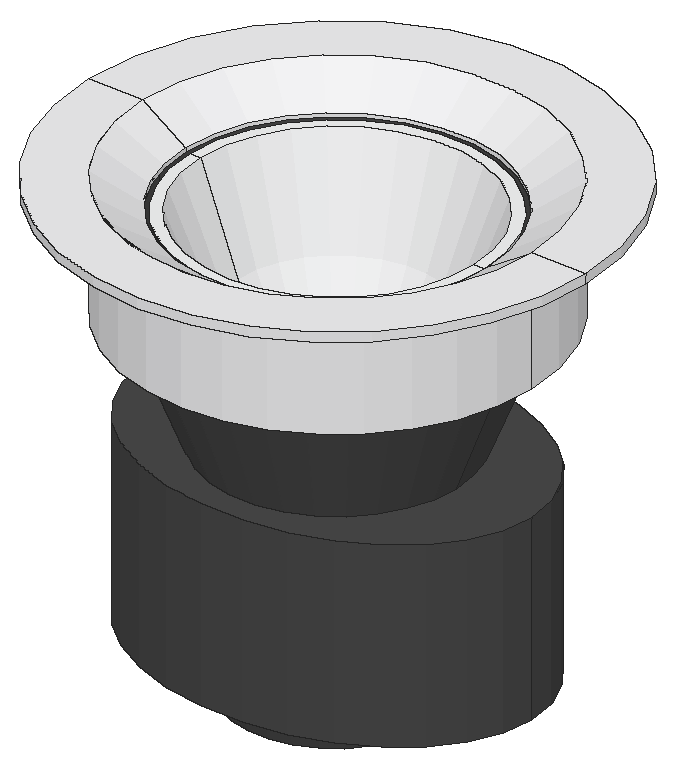
Revit family "2070019", category Lighting Fixtures, host Face, Revit 2018
Family settings
  Host = Face
  Round Connector Dimension = Use Diameter
  Part Type = Normal
  OmniClass Number = 23.80.70.11.17
  OmniClass Title = Specialized Lighting by Location or Use
  Cut with Voids When Loaded = No
  Light Source = Yes
  Shared = No
  Room Calculation Point = No
Parameters (values of type "2070019 EXPOSPOT 70 FIX RA90 4000K MB WHITE")
  Weight = 0.52 kg  # constant formula
  Total Power Consumption = 20.9996 W
  Reflector Material = Aluminum_Sylvania_Expospot_Polished
  Radius = Diameter / 2  # 55.0 mm
  Keynote = "n/a"
  Cooling Small Axis = Radius - 23.0 mm  # 32.0 mm
  Cooling Big Axis = Radius - 12.0 mm  # 43.0 mm
  Product Code = "0060226"
  Photobiological Risk Group = "RG1"  # constant formula
  Nominal Frequency = "50/60Hz"  # constant formula
  Max. Luminaires per 20A C Breaker = "70"  # constant formula
  Max. Luminaires per 20A B Breaker = "42"  # constant formula
  Max. Luminaires per 16A C Breaker = "51"  # constant formula
  Max. Luminaires per 16A B Breaker = "31"  # constant formula
  Max. Luminaires per 13A C Breaker = "41"  # constant formula
  Max. Luminaires per 13A B Breaker = "25"  # constant formula
  Max. Luminaires per 10A C Breaker = "31"  # constant formula
  Max. Luminaires per 10A B Breaker = "19"  # constant formula
  Lamp Power Factor = 0.9  # constant formula
  LOR = "100%"  # constant formula
  Inrush Duration = "139µs"  # constant formula
  Inrush Current = 28 A  # constant formula
  IP Rating = "IP20"  # constant formula
  IK Rating = "IK02"  # constant formula
  Height = 101.0 mm  # constant formula
  Wattage = 20.9996 W
  built-in parameter 1150110 = 1 (stored number, unit not read)
  Voltage Comments = "220-240V~"  # constant formula
  Voltage = 240 V  # constant formula
  URL = "0.9"
  built-in parameter 1114217 = 1 (stored number, unit not read)
  Tilt Angle = -90°  # constant formula
  built-in parameter 1150109 = 1 (stored number, unit not read)
  built-in parameter 1150134 = (empty or 0)
  built-in parameter 1150113 = 1 (stored number, unit not read)
  Product Page URL = "http://www.sylvania-lighting.com/product/en-int/products/0060226"
  Product Family = "EXPOSPOT 70 FIXED"  # constant formula
  Photometry Comments = ""
  Photometric Web File = "2070019.ies"
  Glow Wire Test = 850 °C  # constant formula
  Emit from Circle Diameter = Diameter - 24.0 mm  # 86.0 mm
  Emit Shape Visible in Rendering = no
  Electrical Protection = "Class II"  # constant formula
  Drive Current = "500mA"  # constant formula
  Dimmable = "N"  # constant formula
  Diffuser Material = Acrylic_Sylvania_Expospot_3000K
  Diameter = 110.0 mm  # constant formula
  Cutout Diameter = Diameter - 10.0 mm  # 100.0 mm
  Created by URL = "http://all1studio.com/"
  Created by = "All 1 Studio Ltd. "  # constant formula
  Control Gear Type = "Electronic"  # constant formula
  Control Gear Required = "No"  # constant formula
  Control Gear Mounting = "Remote"  # constant formula
  Colour Variation Initial = "3SDCM"  # constant formula
  built-in parameter 1114216 [instance] = 1 (stored number, unit not read)
  Model = "EXPOSPOT 70 FIXED RA90 4000K MB WHITE"
  Manufacturer = "Feilo Sylvania"  # constant formula
  built-in parameter 1150105 = 171.25 (stored number, unit not read)
  Lumens = 2152 lm
  built-in parameter 1150115 = 1 (stored number, unit not read)
  built-in parameter 1150137 = (empty or 0)
  built-in parameter 1150139 = (empty or 0)
  built-in parameter 1150112 = 1 (stored number, unit not read)
  built-in parameter 1150114 = 1 (stored number, unit not read)
  Lamp = "LED"  # constant formula
  built-in parameter 1150132 = 2
  built-in parameter 1150102 = (empty or 0)
  built-in parameter 1150107 = 3000 (stored number, unit not read)
  built-in parameter 1150138 = 3000
  built-in parameter 1150106 = 1.7125 (stored number, unit not read)
  CRI = "80Ra"
  Body Material = Aluminum_Sylvania_Expospot_White
  built-in parameter 1150104 = 9.5206 (stored number, unit not read)
  Dimming Lamp Color Temperature Shift = <None>
  Description = "Specifically designed for Retail and Display applications. I.e. Supermarkets, Fashion Retail, Department stores. Build around a 70mm reflector and lens combination."  # constant formula
  Default Elevation = 0.0 mm
  Color Filter = 16777215
  built-in parameter 1140040 [instance] = 1
  Beam Angle = 43°
  built-in parameter 1114218 = 1 (stored number, unit not read)
  Average Life = "50 000h"  # constant formula
  built-in parameter 1150133 = 10 (stored number, unit not read)
  Assembly Code = "D5020200"
  Apparent Load Comments = ""
  Apparent Load = 21 VA
  Cooling Material = Plastic_Sylvania_Expospot_Black
Reference planes
  plane 1 "Center (Front/Back)": y = 0
  plane 2: z = 0
  plane 3 "Center (Left/Right)": x = -7.423
  plane 4 "Fixture Bottom": z = 2
  plane 5: x = -62.423
  plane 6: x = -50.423
  plane 7: x = -40.923
  plane 8: z = -5
  plane 9: x = -47.923
  plane 10: z = -4.2
  plane 11: x = -39.923
  plane 12: x = -18.423
  plane 13: x = -20.753
  plane 14: z = -46
  plane 15: z = -25
  plane 16: z = -90.5
  plane 17 "Fixture Top": z = -99
  plane 18: z = -50.5
Forms (mm)
  Revolve 1, solid, material "Aluminum_Sylvania_Expospot_White" <- "Body Material", detail levels fine
    sketch origin (0, 0, 0) x (1, 0, 0) y (0, 0, 1)
      loop
        line (-50.423, 2) -> (-62.423, 2) -> (-62.423, 0) -> (-50.423, 0) -> (-50.423, -25) -> (-47.923, -25) -> (-47.923, -5) -> (-40.923, -5) -> (-40.923, -4.2) -> (-50.423, 2)
      axis (-7.423, 2) -> (-7.423, -25)
    angle from 0 to 360
  Revolve 2, solid, material "Aluminum_Sylvania_Expospot_Polished" <- "Reflector Material", detail levels fine
    sketch origin (0, 0, 0) x (1, 0, 0) y (0, 0, 1)
      loop
        arc (-39.923, -5) -> (-31.687, -26.131) -> (-20.753, -46) r 172.616
        line (-20.753, -46) -> (-18.423, -46)
        arc (-18.423, -46) -> (-29.46, -26.173) -> (-37.623, -5) r 162.237
        line (-37.623, -5) -> (-39.923, -5)
      axis (-7.423, -5) -> (-7.423, -46)
    angle from 0 to 360
  Revolve 3, solid, material "Acrylic_Sylvania_Expospot_3000K" <- "Diffuser Material", detail levels fine
    sketch origin (0, 0, 0) x (1, 0, 0) y (0, 0, 1)
      loop
        arc (-7.423, -37.989) -> (-14.227, -40.204) -> (-18.423, -46) r 11.557
        line (-18.423, -46) -> (-17.367, -46)
        arc (-17.367, -46) -> (-13.506, -40.918) -> (-7.423, -38.989) r 10.557
        line (-7.423, -38.989) -> (-7.423, -37.989)
      axis (-7.423, -37.989) -> (-7.423, -46)
    angle from 0 to 360
  Extrusion 4, solid, material "Plastic_Sylvania_Expospot_Black" <- "Cooling Material", detail levels fine
    sketch origin (0, 0, 0) x (1, 0, 0) y (0, 1, 0)
      loop
        spline (35.577, 0) -> (34.112, 8.282) -> (29.816, 16) -> (22.983, 22.627) -> (14.077, 27.713) -> (3.707, 30.91) -> (-7.423, 32) -> (-18.552, 30.91) -> (-28.923, 27.713) -> (-37.828, 22.627) -> (-44.662, 16) -> (-48.958, 8.282) -> (-50.423, 0)
        spline (-50.423, 0) -> (-48.958, -8.282) -> (-44.662, -16) -> (-37.828, -22.627) -> (-28.923, -27.713) -> (-18.552, -30.91) -> (-7.423, -32) -> (3.707, -30.91) -> (14.077, -27.713) -> (22.983, -22.627) -> (29.816, -16) -> (34.112, -8.282) -> (35.577, 0)
    from -90.5 to -50.5
  Revolve 5, solid, material "Plastic_Sylvania_Expospot_Black" <- "Cooling Material", detail levels fine
    sketch origin (0, 0, 0) x (1, 0, 0) y (0, 0, 1)
      loop
        line (-31.337, -90.5) -> (-31.337, -92.433) -> (-29.248, -99) -> (-7.423, -99) -> (-7.423, -90.5) -> (-31.337, -90.5)
      axis (-7.423, -90.5) -> (-7.423, -99)
    angle from 0 to 360
  Extrusion 6, void
    sketch origin (0, 0, 0) x (1, 0, 0) y (0, 1, 0)
      loop
        circle (-7.423, 0) r 50
    from -90.5 to 0
  Revolve 7, solid, material "Aluminum_Sylvania_Expospot_White" <- "Body Material", detail levels coarse+medium
    sketch origin (0, 0, 0) x (1, 0, 0) y (0, 0, 1)
      loop
        line (-62.423, 2) -> (-62.423, 0) -> (-50.423, 0) -> (-50.423, -99) -> (-7.423, -99) -> (-7.423, 2) -> (-62.423, 2)
      axis (-7.423, 2) -> (-7.423, -99)
    angle from 0 to 360
  Revolve 8, solid, material "Plastic_Sylvania_Expospot_Black" <- "Cooling Material", detail levels fine
    sketch origin (0, 0, 0) x (1, 0, 0) y (0, 0, 1)
      loop
        line (-47.923, -5) -> (-47.923, -25) -> (-44.155, -25) -> (-33.852, -50.5) -> (-7.423, -50.5) -> (-7.423, -46) -> (-34.592, -46) -> (-43.48, -24) -> (-46.923, -24) -> (-46.923, -5) -> (-47.923, -5)
      axis (-7.423, -5) -> (-7.423, -50.5)
    angle from 0 to 360
Cuts and joins
  joined: Extrusion 4, Revolve 5
Lines and regions (mm)
  Masking region 1
    outline origin (0, 0, 0) x (1, 0, 0) y (0, 1, 0)
      loop
        circle (-7.423, 0) r 55
  symbolic lines, detail levels fine
    curve 1: arc (-50.423, 0, 0) -> (-7.423, 43, 0) -> (35.577, 0, 0) r 43
    curve 2: arc (35.577, 0, 0) -> (-7.423, -43, 0) -> (-50.423, 0, 0) r 43
    curve 3: arc (3.577, 0, 0) -> (-7.423, -11, 0) -> (-18.423, 0, 0) r 11
    curve 4: arc (-18.423, 0, 0) -> (-7.423, 11, 0) -> (3.577, 0, 0) r 11
Dimensions and locks
  "Radius": plane 3 "Center (Left/Right)" to plane 5
  Revolve 3 sketch curve to Revolve 3 sketch curve to plane 14 = 1.0 mm locked, 7.011 mm locked
  "Cooling Small Axis": plane 1 "Center (Front/Back)" to Extrusion 4 sketch curve
  "Cooling Big Axis": Extrusion 4 sketch curve to plane 3 "Center (Left/Right)"
  "Height": plane 4 "Fixture Bottom" to plane 17 "Fixture Top"
  locked: plane 16 to plane 17 "Fixture Top" at 8.5
  plane 12 to plane 13 to plane 11 to plane 7 to plane 9 to plane 6 to plane 5 = 2.33 mm locked, 19.17 mm locked, 1.0 mm locked, 7.0 mm locked, 2.5 mm locked, 12.0 mm locked
  locked: Revolve 2 sketch curve to plane 11 at 2.3
  plane 4 "Fixture Bottom" to plane 10 to plane 8 to plane 15 to plane 14 to plane 18 = 6.2 mm locked, 0.8 mm locked, 20.0 mm locked, 21.0 mm locked, 4.5 mm locked
  "Cutout Diameter": diameter of Extrusion 6 sketch curve
  aligned and locked: host face to plane 2
  aligned and locked: host face to level
  aligned and locked: plane 1 "Center (Front/Back)" to imposter light
  aligned and locked: plane 3 "Center (Left/Right)" to imposter light
  aligned and locked: Revolve 1 sketch curve to plane 5
  aligned and locked: Revolve 1 sketch curve to plane 6
  aligned and locked: plane 9 to Revolve 1 sketch curve
  aligned and locked: plane 7 to Revolve 1 sketch curve
  aligned and locked: plane 10 to Revolve 1 sketch curve
  aligned and locked: plane 6 to Revolve 1 sketch curve
  aligned and locked: plane 8 to Revolve 1 sketch curve
  aligned and locked: Revolve 1 sketch curve to plane 2
  aligned and locked: plane 4 "Fixture Bottom" to Revolve 1 sketch curve
  aligned and locked: plane 15 to Revolve 1 sketch curve
  aligned and locked: plane 16 to Extrusion 4
  aligned and locked: plane 16 to Extrusion 6
  aligned and locked: plane 2 to Extrusion 6
  aligned and locked: Revolve 7 sketch curve to plane 6
  aligned and locked: plane 17 "Fixture Top" to Revolve 7 sketch curve
  aligned and locked: Revolve 7 sketch curve to plane 2
  aligned and locked: plane 4 "Fixture Bottom" to Revolve 7 sketch curve
  aligned and locked: Revolve 7 sketch curve to plane 5
  aligned and locked: plane 3 "Center (Left/Right)" to Revolve 7 sketch curve
  aligned and locked: curve 1 to Revolve 1
  aligned and locked: curve 2 to Revolve 1
  aligned and locked: curve 3 to Revolve 3
  aligned and locked: curve 4 to Revolve 3
  aligned and locked: imposter light to plane 4 "Fixture Bottom"
  aligned and locked: cut or joined group of Extrusion 4, Revolve 5 to plane 18
  aligned and locked: plane 14 to Revolve 8 sketch curve
Automatic sketch dimensions
  host sketch curve to host sketch curve = 1506.034 mm
  host sketch curve to host sketch curve = 1442.359 mm
  Revolve 1 sketch curve to plane 3 "Center (Left/Right)" = 0.0 mm
  Revolve 1 sketch curve to Revolve 1 sketch curve = 23.246 mm
  plane 4 "Fixture Bottom" to Revolve 1 sketch curve = 11.292 mm
  Revolve 3 sketch curve to Revolve 3 sketch curve = 0.0 mm
  Revolve 3 sketch curve to plane 12 = 0.0 mm
  Revolve 3 sketch curve to plane 14 = 0.0 mm
  Revolve 3 sketch curve to plane 3 "Center (Left/Right)" = 0.0 mm  (x2)
  Revolve 3 sketch curve to plane 14 = 1.818 mm
  plane 8 to Revolve 3 sketch curve = 3.0 mm
  Revolve 5 sketch curve to plane 16 = 0.0 mm
  Revolve 5 sketch curve to plane 17 "Fixture Top" = 0.0 mm
  Revolve 5 sketch curve to plane 3 "Center (Left/Right)" = 0.0 mm  (x2)
  plane 16 to Revolve 5 sketch curve = 1.933 mm
  plane 17 "Fixture Top" to Revolve 5 sketch curve = 271.274 mm
  plane 4 "Fixture Bottom" to Revolve 5 sketch curve = 1145.706 mm
  plane 1 "Center (Front/Back)" to Extrusion 4 sketch curve = 0.0 mm
  Extrusion 4 sketch curve to plane 3 "Center (Left/Right)" = 0.0 mm
  plane 1 "Center (Front/Back)" to Extrusion 6 sketch curve = 0.0 mm
  Extrusion 6 sketch curve to plane 3 "Center (Left/Right)" = 0.0 mm
  Revolve 7 sketch curve to plane 3 "Center (Left/Right)" = 0.0 mm
  plane 17 "Fixture Top" to Revolve 7 sketch curve = 24.097 mm
  Revolve 7 sketch curve to Revolve 7 sketch curve = 45.0 mm
  Masking region 1 sketch curve to Masking region 1 sketch curve = 0.0 mm  (x2)
  plane 1 "Center (Front/Back)" to Masking region 1 sketch curve = 0.0 mm
  Masking region 1 sketch curve to plane 5 = 0.0 mm
  Masking region 1 sketch curve to plane 3 "Center (Left/Right)" = 0.0 mm
  Revolve 2 sketch curve to plane 8 = 0.0 mm
  Revolve 2 sketch curve to plane 11 = 0.0 mm
  Revolve 2 sketch curve to plane 13 = 0.0 mm
  Revolve 2 sketch curve to plane 12 = 0.0 mm
  plane 3 "Center (Left/Right)" to Revolve 2 sketch curve = 0.0 mm
  Revolve 2 sketch curve to plane 14 = 0.0 mm
  plane 4 "Fixture Bottom" to Revolve 2 sketch curve = 40.631 mm
  Revolve 2 sketch curve to Revolve 2 sketch curve = 7.216 mm
  plane 17 "Fixture Top" to Revolve 2 sketch curve = 294.274 mm
  Revolve 2 sketch curve to Revolve 2 sketch curve = 1100.726 mm
  plane 11 to Revolve 5 sketch curve = 10.675 mm
  plane 7 to Revolve 5 sketch curve = 9.586 mm
  Revolve 8 sketch curve to plane 9 = 0.0 mm
  Revolve 8 sketch curve to plane 15 = 0.0 mm
  Revolve 8 sketch curve to plane 18 = 0.0 mm
  Revolve 8 sketch curve to plane 3 "Center (Left/Right)" = 0.0 mm  (x2)
  Revolve 8 sketch curve to plane 8 = 0.0 mm
  Revolve 8 sketch curve to plane 7 = 3.232 mm
  Revolve 8 sketch curve to Revolve 8 sketch curve = 0.675 mm
  plane 11 to Revolve 8 sketch curve = 6.071 mm
  Revolve 8 sketch curve to Revolve 8 sketch curve = 0.74 mm
  Revolve 8 sketch curve to plane 15 = 1.0 mm
  Revolve 8 sketch curve to Revolve 8 sketch curve = 1.0 mm
  plane 17 "Fixture Top" to Revolve 8 sketch curve = 273.274 mm
  plane 4 "Fixture Bottom" to Revolve 8 sketch curve = 1145.706 mm
Connectors
  electrical at (-7.423, 0, -99), driven by "Voltage", driven by "Apparent Load", driven by "Lamp Power Factor"
    settings: on cut or joined group of Extrusion 4, Revolve 5, index 1, voltage 240 V, apparent load 0 VA, apparent load phase1 21 VA, apparent load phase2 0 VA, apparent load phase3 0 VA, power factor 0.9, load classification "Lighting", number of poles 1, system type 31, power factor state 1, is connector primary yes, connector utility no, sub classification motor no, connector description ""
